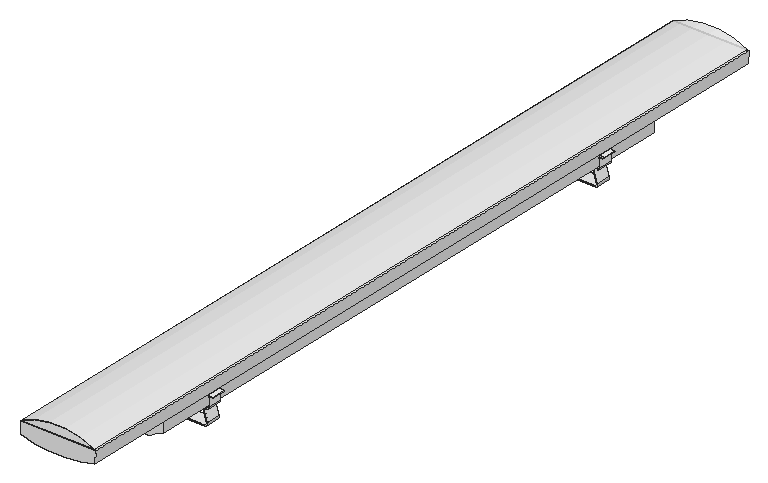
Revit family "Lighting-Industriale-GEWISS-SMART[3]e-PLAFONIERA-LED_TRASPARENTE_1200mm", category Apparecchi per illuminazione, host Superficie, Revit 2019
Family settings
  Host = Superficie
  Quota connettore circolare = Usa diametro
  Tipo di parte = Normale
  Taglio con vuoti quando caricato = No
  Sorgente d'illuminazione = No
  Condiviso = No
  Punto di calcolo locali = Sì
Parameters (values of type "GWS3220ET840 - SMART3e 1200 ON/OFF TRASP CRI80 4000K")
  Viti esterne = "-"
  Versione file RFA = "21.4"
  Vano di alimentazione = "Integrato"
  URL = "https://www.gewiss.com/it/it"
  Tolleranza cromatica = "SDCM = 3"
  Tipologia sorgente luminosa = "LED - Non sostituibile"
  Tipo di installazione e montaggio = "Plafone - Parete - Sospensione"
  Tipo di apparecchio = "Apparecchio a LED per illuminazione generale"
  Tensione di alimentazione = "220 - 240 V"
  Temperatura di stoccaggio = "-25 +80 °C"
  Temperatura di esercizio = "-25 +40 °C"
  Superficie massima esposta al vento : = "-"
  Struttura = GEWISS - SMART 3 - GRIGIO
  Stampa 1_200 = no
  Stampa 1_100 = not(Stampa 1_200)  # yes
  Spostamento_Y_etichetta [instance] = 0 mm
  Spostamento_Y_effettivo_etichetta [instance] = 1500 mm - Spostamento_Y_etichetta  # 1500 mm
  Spostamento_X_etichetta [instance] = 0 mm
  Spostamento_X_effettivo_etichetta [instance] = 1500 mm - Spostamento_X_etichetta  # 1500 mm
  SostituibilitÃ  piastra di cablaggio = "Non disponibile"
  SostituibilitÃ  gruppo ottico = "Non disponibile"
  Sistema di controllo : = "ON / OFF"
  Sistema di controllo = "Stand Alone - On / Off"
  Schermo- = Gewiss - Led Acceso
  Schermo = "Policarbonato stabilizzato agli UV"
  Scheda Tecnica = "https://www.gewiss.com/it/it/search?q=GWS3220ET840"
  Resistenza al filo incandescente = "850 °C"
  Resistenza agli urti = "IK08"
  Default Elevation = 1219.2 mm
  Produttore = "GEWISS S.p.A."
  Ottica = "Trasparente microprismato"
  Norma di riferimento = "EN60598-1; IEC 62778; IEC62471"
  Modello = "GWS3220ET840"
  Materiali = "-"
  Lunghezza Lampada = 1200 mm  # constant formula
  Lampada = "LED"
  Installazione e manutenzione = "-"
  Informazioni generali = "-"
  Indice di resa cromatica = "CRI>80"
  Inclinazione = "Con staffa di fissaggio"
  Immagine tipo = GWS3136T.jpg
  IPEA = "-"
  IFC.TypeObject = ""
  IFC.ExportType = ""
  IFC.ExportAs = ""
  IDT = "55c9cc56-a650-4216-8e8d-8a519f427575"
  IDF = "9517fd0f-6083-4c82-8e58-1fa8055cc39e"
  Guarnizioni = "Sigillante depositato a CNC"
  Gruppo ottico = "Integrato nello schermo"
  Grado di protezione = "IP66/IP69"
  Garanzia = "5 anni"
  Gancio di chiusura = "-"
  Ganci = GEWISS  - ALLUMINIO
  Frequenza nominale (Hz) = "50/60 Hz"
  Fissaggio = "Supporto in acciaio INOX"
  Finitura colore = "PC colorato in pasta RAL7035"
  Failure rate alimentatore = "F10 = 90.000 h a Tq 25°C/F10= 50.000 h a Tq 40°C"
  Durata di vita = "L80B20(Tq25°C)=90.000h - L80B20(Tq40°C)=50.000h"
  Dispositivo di protezione = "DM 1KV / CM 2KV"
  Descrizione = "SMART3e 1200 ON/OFF TRASP CRI80 4000K"
  Creato da GEWISS S.p.A. = ""
  Corpo = "Policarbonato"
  Controllo abbagliamento e luminanza = "-"
  Contesto = "Illuminazione di magazzini, parcheggi coperti e locali produttivi industriali"
  Colore = "Grigio RAL 7035"
  Codice digitale univoco (Datamatrix) = "Datamatrix"
  Codice EAN = ""
  Classificazione: = "-"
  Classe isolamento = "II"
  Classe fotobiologica = "-"
  Certificazioni e classificazioni = "-"
  Certificazione DIN 18032-3 = "Non disponibile"
  Catalogo = "LIGHTING"
  Caratteristiche ottiche e illuminotecniche = "-"
  Caratteristiche elettriche e gestione della luce = "-"
  Cablaggio : = "Stand alone"
  Cablaggio = "Con connettore stagno Gw connect"
  COBie.Tagnumber = ""
  COBie.CreatedOn = ""
  COBie.CreatebBy = ""
  COBie.ComponentRegisterItemID = ""
  COBie.Component.TagNumber = ""
  COBie.Component.Space = ""
  COBie.Component.SerialNumber = ""
  COBie.Component.InstallationDate = ""
  COBie.Component.Description = ""
  COBie.Component.BarCode = ""
  Applicazione = "Interno"
  Apparecchio a ridotta temperatura superficiale = "Si"
  Alimentatore = "Incluso"
Types (5, lengths in mm): name | Sistema di controllo | Scheda Tecnica | Modello | IDT | Descrizione | Cablaggio :
  (no name) | "Stand Alone - On / Off" | "https://www.gewiss.com/it/it/search?q=GWS3220ET840" | "GWS3220ET840" | "55c9cc56-a650-4216-8e8d-8a519f427575" | "SMART3e 1200 ON/OFF TRASP CRI80 4000K" | "Stand alone"
  GWS3220ET840 - SMART3e 1200 ON/OFF TRASP CRI80 4000K | "Stand Alone - On / Off" | "https://www.gewiss.com/it/it/search?q=GWS3220ET840" | "GWS3220ET840" | "55c9cc56-a650-4216-8e8d-8a519f427575" | "SMART3e 1200 ON/OFF TRASP CRI80 4000K" | "Stand alone"
  GWS3220ET857 - SMART3e 1200 ON/OFF TRASP CRI80 5700K | "Stand Alone - On / Off" | "https://www.gewiss.com/it/it/search?q=GWS3220ET857" | "GWS3220ET857" | "3b68c0fc-d9d0-4c69-934b-3ba926f300ed" | "SMART3e 1200 ON/OFF TRASP CRI80 5700K" | "Stand alone"
  GWS3222ET840 - SMART3e 1200 TW ON/OFF TRASP CRI80 4000K | "Linea Passante - On / Off" | "https://www.gewiss.com/it/it/search?q=GWS3222ET840" | "GWS3222ET840" | "3017342e-8d26-4075-a692-c8991d4bae46" | "SMART3e 1200 TW ON/OFF TRASP CRI80 4000K" | "Linea Passante"
  GWS3222ET857 - SMART3e 1200 TW ON/OFF TRASP CRI80 5700K | "Linea Passante - On / Off" | "https://www.gewiss.com/it/it/search?q=GWS3222ET857" | "GWS3222ET857" | "61b8f3ee-66dc-4bb3-9fbc-5ccb0109b78b" | "SMART3e 1200 TW ON/OFF TRASP CRI80 5700K" | "Linea Passante"
Reference planes
  plane 1 "Centro (Fronte/Retro)": y = 0
  plane 2: z = 0
  plane 3 "Centro (Sinistra/Destra)": x = 0
  plane 4: x = -1500
  plane 5: y = -1500
  plane 6: x = 0
  plane 7: y = 0
Forms (mm)
  Extrusion 1, solid, material "GEWISS  - ALLUMINIO" <- "Ganci", detail levels medium+fine
    sketch origin (0, 0, 0) x (1, 0, 0) y (0, 0, 1)
      loop
        arc (31.431, -0.002) -> (34.576, 1.589) -> (35.156, 5.066) r 3.903
        line (35.156, 5.066) -> (29.612, 23.211)
        arc (29.612, 23.211) -> (29.883, 24.381) -> (31.032, 24.73) r 1.2
        line (31.032, 24.73) -> (34.307, 23.974)
        arc (34.307, 23.974) -> (36.765, 24.53) -> (37.859, 26.8) r 2.9
        line (37.859, 26.8) -> (37.859, 38.8)
        arc (37.859, 38.8) -> (37.648, 39.694) -> (37.059, 40.4) r 2
        line (37.059, 40.4) -> (37.059, 42.71) -> (42.861, 40.598) -> (43.203, 41.538) -> (37.53, 43.603)
        arc (37.53, 43.603) -> (37.019, 43.613) -> (36.605, 43.311) r 0.8
        line (36.605, 43.311) -> (36.306, 26.139)
        arc (36.306, 26.139) -> (35.6, 25.444) -> (34.616, 25.34) r 1.5
        line (34.616, 25.34) -> (31.344, 26.095)
        arc (31.344, 26.095) -> (28.858, 25.335) -> (28.273, 22.802) r 2.6
        line (28.273, 22.802) -> (33.827, 4.636)
        arc (33.827, 4.636) -> (33.449, 2.415) -> (31.438, 1.4) r 2.5
        line (31.438, 1.4) -> (-31.437, 1.4)
        arc (-31.437, 1.4) -> (-33.449, 2.415) -> (-33.827, 4.636) r 2.5
        line (-33.827, 4.636) -> (-28.273, 22.802)
        arc (-28.273, 22.802) -> (-28.858, 25.335) -> (-31.344, 26.095) r 2.6
        line (-31.344, 26.095) -> (-34.616, 25.34)
        arc (-34.616, 25.34) -> (-35.6, 25.444) -> (-36.306, 26.139) r 1.5
        line (-36.306, 26.139) -> (-36.605, 43.311)
        arc (-36.605, 43.311) -> (-37.019, 43.613) -> (-37.53, 43.603) r 0.8
        line (-37.53, 43.603) -> (-43.203, 41.538) -> (-42.861, 40.598) -> (-37.059, 42.71) -> (-37.059, 40.4)
        arc (-37.059, 40.4) -> (-37.648, 39.694) -> (-37.859, 38.8) r 2
        line (-37.859, 38.8) -> (-37.859, 26.8)
        arc (-37.859, 26.8) -> (-36.765, 24.53) -> (-34.307, 23.974) r 2.9
        line (-34.307, 23.974) -> (-31.032, 24.73)
        arc (-31.032, 24.73) -> (-29.883, 24.381) -> (-29.612, 23.211) r 1.2
        line (-29.612, 23.211) -> (-35.156, 5.066)
        arc (-35.156, 5.066) -> (-34.576, 1.589) -> (-31.431, -0.002) r 3.903
        line (-31.431, -0.002) -> (31.431, -0.002)
    from 348.766 to 368.766
  Extrusion 2, solid, material "GEWISS  - ALLUMINIO" <- "Ganci", detail levels medium+fine
    sketch origin (0, 0, 0) x (1, 0, 0) y (0, 0, -1)
      loop
        line (31.431, 0.002) -> (-31.431, 0.002)
        arc (-31.431, 0.002) -> (-34.576, -1.589) -> (-35.156, -5.066) r 3.903
        line (-35.156, -5.066) -> (-29.612, -23.211)
        arc (-29.612, -23.211) -> (-29.883, -24.381) -> (-31.032, -24.73) r 1.2
        line (-31.032, -24.73) -> (-34.307, -23.974)
        arc (-34.307, -23.974) -> (-36.765, -24.53) -> (-37.859, -26.8) r 2.9
        line (-37.859, -26.8) -> (-37.859, -38.8)
        arc (-37.859, -38.8) -> (-37.648, -39.694) -> (-37.059, -40.4) r 2
        line (-37.059, -40.4) -> (-37.059, -42.71) -> (-42.861, -40.598) -> (-43.203, -41.538) -> (-37.53, -43.603)
        arc (-37.53, -43.603) -> (-37.019, -43.613) -> (-36.605, -43.311) r 0.8
        line (-36.605, -43.311) -> (-36.306, -26.139)
        arc (-36.306, -26.139) -> (-35.6, -25.444) -> (-34.616, -25.34) r 1.5
        line (-34.616, -25.34) -> (-31.344, -26.095)
        arc (-31.344, -26.095) -> (-28.858, -25.335) -> (-28.273, -22.802) r 2.6
        line (-28.273, -22.802) -> (-33.827, -4.636)
        arc (-33.827, -4.636) -> (-33.449, -2.415) -> (-31.437, -1.4) r 2.5
        line (-31.437, -1.4) -> (31.438, -1.4)
        arc (31.438, -1.4) -> (33.449, -2.415) -> (33.827, -4.636) r 2.5
        line (33.827, -4.636) -> (28.273, -22.802)
        arc (28.273, -22.802) -> (28.858, -25.335) -> (31.344, -26.095) r 2.6
        line (31.344, -26.095) -> (34.616, -25.34)
        arc (34.616, -25.34) -> (35.6, -25.444) -> (36.306, -26.139) r 1.5
        line (36.306, -26.139) -> (36.605, -43.311)
        arc (36.605, -43.311) -> (37.019, -43.613) -> (37.53, -43.603) r 0.8
        line (37.53, -43.603) -> (43.203, -41.538) -> (42.861, -40.598) -> (37.059, -42.71) -> (37.059, -40.4)
        arc (37.059, -40.4) -> (37.648, -39.694) -> (37.859, -38.8) r 2
        line (37.859, -38.8) -> (37.859, -26.8)
        arc (37.859, -26.8) -> (36.765, -24.53) -> (34.307, -23.974) r 2.9
        line (34.307, -23.974) -> (31.032, -24.73)
        arc (31.032, -24.73) -> (29.883, -24.381) -> (29.612, -23.211) r 1.2
        line (29.612, -23.211) -> (35.156, -5.066)
        arc (35.156, -5.066) -> (34.576, -1.589) -> (31.431, 0.002) r 3.903
    from 348.766 to 368.766
  Extrusion 3, solid, material "GEWISS - SMART 3 - GRIGIO" <- "Struttura", detail levels medium+fine
    sketch origin (0, 0, 0) x (1, 0, 0) y (0, 0, 1)
      loop
        line (-36.331, 55.757) -> (-35.847, 28.018)
        arc (-35.847, 28.018) -> (-33.139, 27.27) -> (-30.416, 26.58) r 129.5
        arc (-30.416, 26.58) -> (-28.066, 25.76) -> (-25.915, 24.506) r 13
        arc (-25.915, 24.506) -> (-24.23, 23.324) -> (-22.521, 22.178) r 99.5
        arc (-22.521, 22.178) -> (-16.401, 19.063) -> (-9.748, 17.365) r 31.146
        line (-9.748, 17.365) -> (12.491, 17.365)
        arc (12.491, 17.365) -> (17.822, 19.098) -> (22.764, 21.745) r 31.646
        arc (22.764, 21.745) -> (24.509, 22.915) -> (26.228, 24.122) r 100
        arc (26.228, 24.122) -> (28.283, 25.313) -> (30.525, 26.095) r 12.5
        arc (30.525, 26.095) -> (33.437, 26.834) -> (36.332, 27.64) r 130
        line (36.332, 27.64) -> (36.824, 55.851)
        arc (36.824, 55.851) -> (24.914, 53.937) -> (12.909, 52.764) r 195.047
        line (12.909, 52.764) -> (-12.909, 52.764)
        arc (-12.909, 52.764) -> (-24.665, 53.905) -> (-36.331, 55.757) r 195.047
    from -450 to 450
  Extrusion 4, solid, material "GEWISS - SMART 3 - GRIGIO" <- "Struttura", detail levels medium+fine
    sketch origin (0, 0, 0) x (1, 0, 0) y (0, 0, 1)
      loop
        line (54.725, 60.184) -> (55.177, 77.445) -> (-55.177, 77.445) -> (-54.725, 60.184)
        arc (-54.725, 60.184) -> (-34.019, 55.332) -> (-12.909, 52.764) r 195.047
        line (-12.909, 52.764) -> (12.909, 52.764)
        arc (12.909, 52.764) -> (34.019, 55.332) -> (54.725, 60.184) r 195.047
    from -600 to 600
  Extrusion 5, solid, material "Gewiss - Led Acceso" <- "Schermo-", detail levels medium+fine
    sketch origin (0, 0, 0) x (1, 0, 0) y (0, 0, 1)
      loop
        arc (54.697, 78.441) -> (-0.014, 90.457) -> (-54.723, 78.429) r 130.5
        arc (-54.723, 78.429) -> (-54.988, 77.838) -> (-54.5, 77.445) r 0.5
        line (-54.5, 77.445) -> (54.479, 77.445)
        arc (54.479, 77.445) -> (54.988, 77.855) -> (54.697, 78.441) r 0.522
    from -600 to 600
  Extrusion 6, solid, material "GEWISS - SMART 3 - GRIGIO" <- "Struttura", detail levels coarse
    sketch origin (0, 0, 0) x (1, 0, 0) y (0, 0, 1)
      loop
        line (-54.5, 90.439) -> (-54.5, 0) -> (54.5, 0) -> (54.5, 90.439) -> (-54.5, 90.439)
    from -600 to 600
Lines and regions (mm)
  Masking region 1
    outline origin (0, 0, 0) x (1, 0, 0) y (0, 1, 0)
      loop
        line (-55.177, 600) -> (-55.177, -600) -> (55.177, -600) -> (55.177, 600) -> (-55.177, 600)
  symbolic lines, style "GEWISS - LIGHT 2D"
    curve 1: line (0, 488.766, 0) -> (0, -491.234, 0)
Dimensions and locks
  plane 4 to plane 3 "Centro (Sinistra/Destra)" = 1500 mm
  "Spostamento_X_effettivo_etichetta": plane 4 to plane 6
  plane 1 "Centro (Fronte/Retro)" to plane 5 = 1500 mm
  "Spostamento_Y_effettivo_etichetta": plane 7 to plane 5
  aligned and locked: plane 2 to host face
  aligned and locked: level to host face
  aligned and locked: Masking region 1 sketch curve to Extrusion 4  (x4)
  aligned and locked: plane 6 to nested 1
  aligned and locked: nested 1 to plane 7
  aligned and locked: curve 1 to plane 3 "Centro (Sinistra/Destra)"
Automatic sketch dimensions
  host sketch curve to host sketch curve = 2438.4 mm  (x2)
  Extrusion 1 sketch curve to Extrusion 1 sketch curve = 0 mm  (x28)
  Extrusion 1 sketch curve to plane 3 "Centro (Sinistra/Destra)" = 43.203 mm
  level to Extrusion 1 sketch curve = 40.598 mm
  Extrusion 1 sketch curve to Extrusion 1 sketch curve = 0.342 mm  (x2)
  Extrusion 1 sketch curve to Extrusion 1 sketch curve = 5.002 mm  (x2)
  Extrusion 1 sketch curve to Extrusion 1 sketch curve = 0.329 mm
  Extrusion 1 sketch curve to Extrusion 1 sketch curve = 0.271 mm  (x2)
  Extrusion 1 sketch curve to Extrusion 1 sketch curve = 0.8 mm  (x2)
  Extrusion 1 sketch curve to Extrusion 1 sketch curve = 0.454 mm  (x2)
  Extrusion 1 sketch curve to Extrusion 1 sketch curve = 1.554 mm
  Extrusion 1 sketch curve to Extrusion 1 sketch curve = 2 mm
  level to Extrusion 1 sketch curve = 5.066 mm  (x2)
  Extrusion 1 sketch curve to Extrusion 1 sketch curve = 1.15 mm
  Extrusion 1 sketch curve to Extrusion 1 sketch curve = 1.346 mm  (x2)
  Extrusion 1 sketch curve to Extrusion 1 sketch curve = 0.343 mm  (x2)
  level to Extrusion 1 sketch curve = 4.636 mm  (x2)
  Extrusion 1 sketch curve to Extrusion 1 sketch curve = 1.329 mm  (x2)
  level to Extrusion 1 sketch curve = 1.4 mm
  Extrusion 1 sketch curve to Extrusion 1 sketch curve = 2.389 mm  (x2)
  Extrusion 1 sketch curve to Extrusion 1 sketch curve = 0.007 mm  (x2)
  Extrusion 1 sketch curve to Extrusion 1 sketch curve = 3.584 mm  (x2)
  Extrusion 1 sketch curve to Extrusion 1 sketch curve = 0.273 mm  (x2)
  plane 3 "Centro (Sinistra/Destra)" to Extrusion 1 sketch curve = 30.759 mm
  Extrusion 1 sketch curve to level = 0.002 mm
  Extrusion 1 sketch curve to Extrusion 1 sketch curve = 0.672 mm
  Extrusion 1 sketch curve to Extrusion 1 sketch curve = 0.9 mm
  level to Extrusion 1 sketch curve = 26.139 mm
  Extrusion 1 sketch curve to Extrusion 1 sketch curve = 0.746 mm
  Extrusion 1 sketch curve to Extrusion 1 sketch curve = 0.2 mm
  Extrusion 1 sketch curve to Extrusion 1 sketch curve = 2.577 mm
  Extrusion 1 sketch curve to Extrusion 1 sketch curve = 18.496 mm
  Extrusion 1 sketch curve to Extrusion 1 sketch curve = 1.169 mm  (x2)
  Extrusion 1 sketch curve to Extrusion 1 sketch curve = 0.799 mm  (x2)
  Extrusion 1 sketch curve to Extrusion 1 sketch curve = 0.609 mm
  Extrusion 1 sketch curve to Extrusion 1 sketch curve = 1.798 mm  (x2)
  Extrusion 1 sketch curve to Extrusion 1 sketch curve = 12 mm
  Extrusion 1 sketch curve to Extrusion 1 sketch curve = 0.94 mm  (x2)
  Extrusion 1 sketch curve to Extrusion 1 sketch curve = 0.14 mm  (x2)
  Extrusion 1 sketch curve to Extrusion 1 sketch curve = 0.309 mm  (x2)
  Extrusion 1 sketch curve to Extrusion 1 sketch curve = 0.312 mm  (x2)
  Extrusion 1 sketch curve to Extrusion 1 sketch curve = 1.148 mm  (x2)
  Extrusion 1 sketch curve to Extrusion 1 sketch curve = 1.339 mm
  Extrusion 1 sketch curve to Extrusion 1 sketch curve = 2.486 mm
  Extrusion 1 sketch curve to Extrusion 1 sketch curve = 0.409 mm  (x2)
  Extrusion 2 sketch curve to Extrusion 2 sketch curve = 0 mm  (x28)
  Extrusion 2 sketch curve to plane 3 "Centro (Sinistra/Destra)" = 43.203 mm
  level to Extrusion 2 sketch curve = 40.598 mm
  Extrusion 2 sketch curve to Extrusion 2 sketch curve = 0.342 mm  (x2)
  Extrusion 2 sketch curve to Extrusion 2 sketch curve = 5.002 mm  (x2)
  Extrusion 2 sketch curve to Extrusion 2 sketch curve = 0.329 mm
  Extrusion 2 sketch curve to Extrusion 2 sketch curve = 0.271 mm  (x2)
  Extrusion 2 sketch curve to Extrusion 2 sketch curve = 0.8 mm  (x2)
  Extrusion 2 sketch curve to Extrusion 2 sketch curve = 0.454 mm  (x2)
  Extrusion 2 sketch curve to Extrusion 2 sketch curve = 1.554 mm
  Extrusion 2 sketch curve to Extrusion 2 sketch curve = 2 mm
  level to Extrusion 2 sketch curve = 5.066 mm  (x2)
  Extrusion 2 sketch curve to Extrusion 2 sketch curve = 1.15 mm
  Extrusion 2 sketch curve to Extrusion 2 sketch curve = 1.346 mm  (x2)
  Extrusion 2 sketch curve to Extrusion 2 sketch curve = 0.343 mm  (x2)
  level to Extrusion 2 sketch curve = 4.636 mm  (x2)
  Extrusion 2 sketch curve to Extrusion 2 sketch curve = 1.329 mm  (x2)
  level to Extrusion 2 sketch curve = 1.4 mm
  Extrusion 2 sketch curve to Extrusion 2 sketch curve = 2.389 mm  (x2)
  Extrusion 2 sketch curve to Extrusion 2 sketch curve = 0.007 mm  (x2)
  Extrusion 2 sketch curve to Extrusion 2 sketch curve = 3.584 mm  (x2)
  Extrusion 2 sketch curve to Extrusion 2 sketch curve = 0.273 mm  (x2)
  plane 3 "Centro (Sinistra/Destra)" to Extrusion 2 sketch curve = 30.759 mm
  Extrusion 2 sketch curve to level = 0.002 mm
  Extrusion 2 sketch curve to Extrusion 2 sketch curve = 0.672 mm
  Extrusion 2 sketch curve to Extrusion 2 sketch curve = 0.9 mm
  level to Extrusion 2 sketch curve = 26.139 mm
  Extrusion 2 sketch curve to Extrusion 2 sketch curve = 0.746 mm
  Extrusion 2 sketch curve to Extrusion 2 sketch curve = 0.2 mm
  Extrusion 2 sketch curve to Extrusion 2 sketch curve = 14.46 mm
  Extrusion 2 sketch curve to Extrusion 2 sketch curve = 0.94 mm  (x2)
  Extrusion 2 sketch curve to Extrusion 2 sketch curve = 0.14 mm  (x2)
  Extrusion 2 sketch curve to Extrusion 2 sketch curve = 2.31 mm  (x2)
  Extrusion 2 sketch curve to Extrusion 2 sketch curve = 12 mm
  Extrusion 2 sketch curve to Extrusion 2 sketch curve = 0.661 mm  (x2)
  Extrusion 2 sketch curve to Extrusion 2 sketch curve = 0.609 mm  (x2)
  Extrusion 2 sketch curve to Extrusion 2 sketch curve = 1.169 mm  (x2)
  Extrusion 2 sketch curve to Extrusion 2 sketch curve = 0.309 mm  (x2)
  Extrusion 2 sketch curve to Extrusion 2 sketch curve = 0.312 mm  (x2)
  Extrusion 2 sketch curve to Extrusion 2 sketch curve = 1.148 mm  (x2)
  Extrusion 2 sketch curve to Extrusion 2 sketch curve = 1.339 mm
  Extrusion 2 sketch curve to Extrusion 2 sketch curve = 2.486 mm
  Extrusion 2 sketch curve to Extrusion 2 sketch curve = 1.365 mm  (x2)
  Extrusion 3 sketch curve to plane 3 "Centro (Sinistra/Destra)" = 36.331 mm
  Extrusion 3 sketch curve to Extrusion 3 sketch curve = 0.484 mm
  Extrusion 3 sketch curve to Extrusion 3 sketch curve = 2.34 mm
  Extrusion 3 sketch curve to plane 3 "Centro (Sinistra/Destra)" = 32.068 mm
  Extrusion 3 sketch curve to plane 3 "Centro (Sinistra/Destra)" = 12.909 mm
  Extrusion 3 sketch curve to plane 3 "Centro (Sinistra/Destra)" = 9.748 mm
  Extrusion 3 sketch curve to plane 3 "Centro (Sinistra/Destra)" = 5.421 mm
  Extrusion 3 sketch curve to plane 3 "Centro (Sinistra/Destra)" = 0.057 mm
  Extrusion 3 sketch curve to plane 3 "Centro (Sinistra/Destra)" = 0.007 mm
  Extrusion 3 sketch curve to plane 3 "Centro (Sinistra/Destra)" = 0.001 mm
  plane 3 "Centro (Sinistra/Destra)" to Extrusion 3 sketch curve = 0.057 mm
  plane 3 "Centro (Sinistra/Destra)" to Extrusion 3 sketch curve = 5.412 mm
  plane 3 "Centro (Sinistra/Destra)" to Extrusion 3 sketch curve = 12.491 mm
  Extrusion 3 sketch curve to Extrusion 3 sketch curve = 7.496 mm
  plane 3 "Centro (Sinistra/Destra)" to Extrusion 3 sketch curve = 32.059 mm
  Extrusion 3 sketch curve to Extrusion 3 sketch curve = 21.008 mm
  Extrusion 3 sketch curve to Extrusion 3 sketch curve = 2.833 mm
  Extrusion 3 sketch curve to Extrusion 3 sketch curve = 23.916 mm
  level to Extrusion 3 sketch curve = 13.953 mm  (x2)
  level to Extrusion 3 sketch curve = 17.365 mm  (x2)
  Extrusion 3 sketch curve to Extrusion 3 sketch curve = 13.687 mm
  Extrusion 3 sketch curve to Extrusion 3 sketch curve = 14.064 mm
  Extrusion 3 sketch curve to Extrusion 3 sketch curve = 30.844 mm
  Extrusion 3 sketch curve to Extrusion 3 sketch curve = 0 mm  (x3)
  Extrusion 3 sketch curve to Extrusion 3 sketch curve = 4.555 mm
  Extrusion 3 sketch curve to Extrusion 3 sketch curve = 2.993 mm
  Extrusion 3 sketch curve to Extrusion 3 sketch curve = 3.087 mm
  Extrusion 3 sketch curve to Extrusion 3 sketch curve = 49.52 mm
  Extrusion 3 sketch curve to Extrusion 3 sketch curve = 49.615 mm
  Extrusion 3 sketch curve to Extrusion 3 sketch curve = 47.089 mm
  Extrusion 3 sketch curve to Extrusion 3 sketch curve = 5.431 mm
  Extrusion 3 sketch curve to Extrusion 3 sketch curve = 4.5 mm
  Extrusion 3 sketch curve to Extrusion 3 sketch curve = 10.273 mm
  Extrusion 3 sketch curve to Extrusion 3 sketch curve = 3.465 mm
  Extrusion 3 sketch curve to Extrusion 3 sketch curve = 4.297 mm
  Extrusion 4 sketch curve to plane 3 "Centro (Sinistra/Destra)" = 55.177 mm
  Extrusion 4 sketch curve to Extrusion 4 sketch curve = 0.452 mm  (x2)
  Extrusion 4 sketch curve to plane 3 "Centro (Sinistra/Destra)" = 12.909 mm
  Extrusion 4 sketch curve to plane 3 "Centro (Sinistra/Destra)" = 0.057 mm
  plane 3 "Centro (Sinistra/Destra)" to Extrusion 4 sketch curve = 0.057 mm
  plane 3 "Centro (Sinistra/Destra)" to Extrusion 4 sketch curve = 12.909 mm
  Extrusion 4 sketch curve to Extrusion 4 sketch curve = 41.816 mm
  level to Extrusion 4 sketch curve = 52.764 mm
  Extrusion 4 sketch curve to Extrusion 4 sketch curve = 7.42 mm  (x2)
  Extrusion 4 sketch curve to Extrusion 4 sketch curve = 17.262 mm
  Extrusion 5 sketch curve to plane 3 "Centro (Sinistra/Destra)" = 0 mm
  Extrusion 5 sketch curve to plane 3 "Centro (Sinistra/Destra)" = 54.5 mm
  plane 3 "Centro (Sinistra/Destra)" to Extrusion 5 sketch curve = 54.479 mm
  Extrusion 5 sketch curve to level = 40.043 mm
  level to Extrusion 5 sketch curve = 77.445 mm
  Extrusion 5 sketch curve to Extrusion 5 sketch curve = 0.5 mm
  Extrusion 5 sketch curve to Extrusion 5 sketch curve = 0.522 mm
  Extrusion 5 sketch curve to Extrusion 5 sketch curve = 0.21 mm
  Extrusion 5 sketch curve to Extrusion 5 sketch curve = 0.014 mm
  Extrusion 5 sketch curve to Extrusion 5 sketch curve = 0 mm
  Extrusion 6 sketch curve to level = 0 mm
  Extrusion 6 sketch curve to plane 3 "Centro (Sinistra/Destra)" = 54.5 mm
  plane 3 "Centro (Sinistra/Destra)" to Extrusion 6 sketch curve = 54.5 mm
  Extrusion 6 sketch curve to Extrusion 6 sketch curve = 90.439 mm
  plane 1 "Centro (Fronte/Retro)" to curve 1 = 491.234 mm
  curve 1 to plane 1 "Centro (Fronte/Retro)" = 488.766 mm
Nested families
  nested 1: "ETICHETTA WATTAGGIO" at (0, 0, 0), type "ETICHETTA WATTAGGIO"
Definition of nested family "ETICHETTA WATTAGGIO"
  Parameters (values of type "ETICHETTA WATTAGGIO")
    GW - Potenza di sistema = ""
    GW - Numero LED = ""
    COMMENTI = "13W"
    1_200 = no
    1_100 = yes
  Reference planes
    plane 1: y = 0
    plane 2: x = 0
  Text (mm)
    label "GW - Potenza di sistema\nGW - Numero LED LED" at (-0.057, -0.214, 0), shows "GW - Potenza di sistema", "GW - Numero LED", visible <- "1_100"
    label "GW - Potenza di sistema\nGW - Numero LED LED " at (-0.057, -0.214, 0), shows "GW - Potenza di sistema", "GW - Numero LED", visible <- "1_200"
